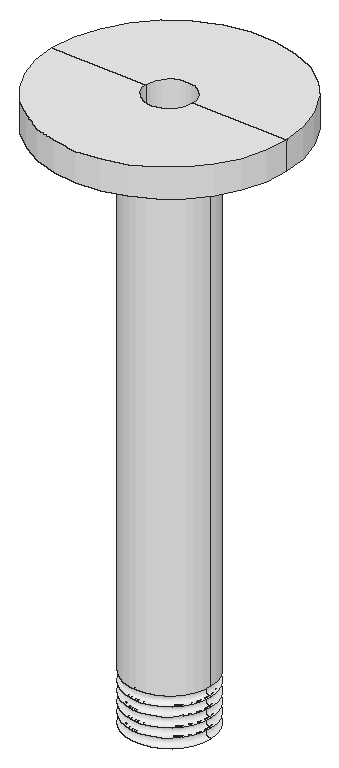
Revit family "xShower_Arm-American_Standard-Rain-1660.186", category Plumbing Fixtures, Revit 2014
Parameters (values of type "1660.186")
  Width = 7/8"  # constant formula
  Water Connection Radius = 1/4"  # constant formula
  Water Connection Diameter = 1/2"  # constant formula
  Waste Connection = no
  Warranty Information = "One Year General Product Warranty"  # constant formula
  WFU = 4  # constant formula
  Vent Connection = no
  URL = "https://www.americanstandard-us.com/"
  Product Page URL = "https://www.americanstandard-us.com/bathroom/shower-faucets/6-inch-ceiling-mount-shower-arm-23191"
  Product Documentation Link = "https://www.americanstandard-us.com/-/media/sites/asus/files/product-specs/bulk/specsheet1660186.pdf?la=en"
  Price = "Prices may vary. Please consult Manufacturer Representative for most up-to-date price list."  # constant formula
  Model = "1660.186"  # constant formula
  Material = "Brass-American Standard-002-Polished Chrome"
  Manufacturer = "American Standard"  # constant formula
  Length = 2 1/2"  # constant formula
  Installation Type = "Ceiling Mounted"  # constant formula
  Height = 6"
  HWFU = 3  # constant formula
  HW Connection = yes
  Finish = Brass-American Standard-002-Polished Chrome
  Description = "6\" Ceiling Mount Shower Arm"
  Default Elevation = 0"
  Creation Date = "01/25/2018"  # constant formula
  CWFU = 3  # constant formula
  CW Connection = yes
  Assembly Code = "D2010710"
Reference planes (in)
  plane 1 "Center (Front/Back)": y = 0
  plane 2: z = 0
  plane 3 "Center (Left/Right)": x = 0
  plane 4: x = 1.25
  plane 5: x = -1.25
  plane 6: x = 0.25
  plane 7: x = -0.25
  plane 8: z = -6
  plane 9: x = 0.4375
  plane 10: x = -0.4375
Forms (in)
  Revolve 1, solid, material "Brass-American Standard-002-Polished Chrome" <- "Finish"
    sketch origin (0, 0, 0) x (1, 0, 0) y (0, 0, 1)
      loop
        line (0.25, 0) -> (0.25, -6) -> (0.4375, -6)
        arc (0.4375, -6) -> (0.3875, -5.95) -> (0.4375, -5.9) r 0.05
        arc (0.4375, -5.9) -> (0.3875, -5.85) -> (0.4375, -5.8) r 0.05
        arc (0.4375, -5.8) -> (0.3875, -5.75) -> (0.4375, -5.7) r 0.05
        arc (0.4375, -5.7) -> (0.3875, -5.65) -> (0.4375, -5.6) r 0.05
        arc (0.4375, -5.6) -> (0.3875, -5.55) -> (0.4375, -5.5) r 0.05
        line (0.4375, -5.5) -> (0.4375, -0.3) -> (1.25, -0.3) -> (1.25, 0) -> (0.25, 0)
      axis (0, 0) -> (0, -6)
    angle from 0 to 360
Lines and regions (in)
  Masking region 1
    outline origin (0, 0, 0) x (1, 0, 0) y (0, 1, 0)
      loop
        circle (0, 0) r 1.25
  symbolic lines, detail levels medium+fine
    curve 1: circle (0, 0, 0) r 0.25 normal (0, 0, 1)
Dimensions and locks (in)
  "Width": plane 9 to plane 10
  "Length": plane 4 to plane 5
  "Height": plane 2 to plane 8
  aligned and locked: plane 8 to Revolve 1
  aligned and locked: Revolve 1 sketch curve to plane 9
  aligned and locked: plane 6 to Revolve 1 sketch curve
  aligned and locked: Masking region 1 sketch curve to Revolve 1
Automatic sketch dimensions
  Revolve 1 sketch curve to plane 3 "Center (Left/Right)" = 0"
  Revolve 1 sketch curve to level = 0"
  Revolve 1 sketch curve to plane 4 = 0"
  Revolve 1 sketch curve to plane 8 = 0"
  plane 8 to Revolve 1 sketch curve = 0.05"
  Revolve 1 sketch curve to Revolve 1 sketch curve = 0.05"
  Revolve 1 sketch curve to Revolve 1 sketch curve = 0.1"  (x3)
  Revolve 1 sketch curve to level = 0.3"
  Revolve 1 sketch curve to Revolve 1 sketch curve = 0"  (x3)
  level to Revolve 1 sketch curve = 0.33886"
  Revolve 1 sketch curve to Revolve 1 sketch curve = 0.41114"
  Revolve 1 sketch curve to plane 9 = 0"  (x4)
Connectors (in)
  piping at (0, 0, 0), diameter 0.5, driven by "Water Connection Diameter"
    settings: on Revolve 1, index 1, connector inside diameter 24", connector length 0", flow factor 0, pipe flow 0 GPM, pressure drop 0.00 psi, fitting loss kfactor 0, connector angle 0.00°, fixture units 0, engagement length 0", angle of deflection 0.00°, flow configuration 0, flow direction 1, fitting loss method 0, system type 29, joint type 0, gender type 0, connector reference index -1, connector utility 0, adjustable connector no, is connector primary yes, connector description "1/2\" NPT Supply Inlet"
